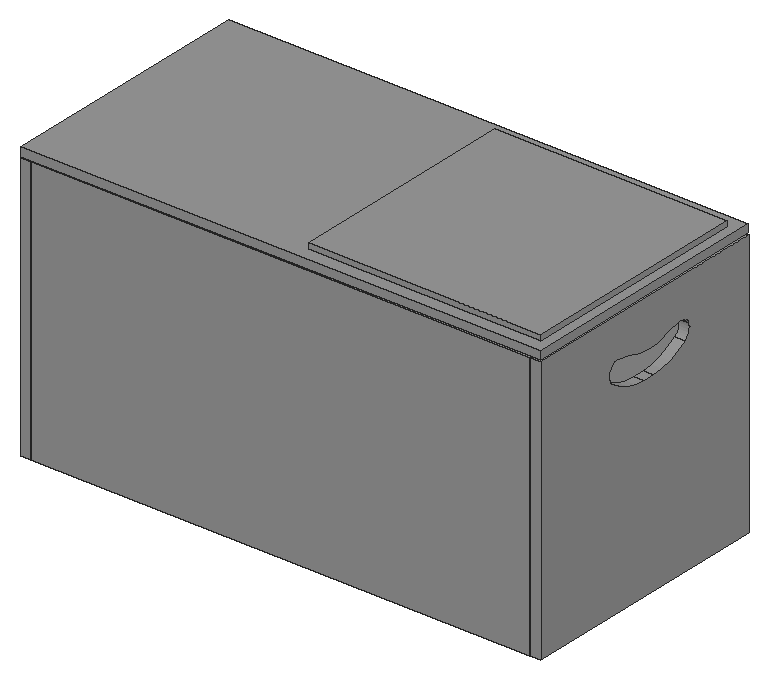
Revit family "Haworth_Tijo_Lounge_Box_EU_PRELIMINARY", category Furniture Systems, Revit 2018
Family settings
  Round Connector Dimension = Use Diameter
  Part Type = Normal
  OmniClass Number = 23.40.70.14.64.21
  OmniClass Title = Systems Furniture
  Work Plane-Based = No
  Always vertical = Yes
  Cut with Voids When Loaded = No
  Shared = No
  Room Calculation Point = No
Parameters (values of type "Double Box - with Cushion")
  With Top [instance] = yes
  Warranty = "http://www.haworth.com/resources/product-info/warranties"
  URL - Product = "https://www.haworth.com/eu/en/products/poufs-ottoman/tijo.html"
  Trim Finish = Haworth _ Polymer _ Black
  Top Finish [instance] = Haworth _ Laminate _ Undecided _ Storage
  Storage Finish [instance] = Haworth _ Laminate _ Undecided _ Storage
  Single Step = not(or(Double, Single))  # no
  Single = no
  Model = "TJXBX"  # constant formula
  Large = and(or(Double, Single))  # yes
  Front Finish [instance] = Haworth _ Laminate _ Undecided _ Storage
  Double = yes
  Description = "Haworth - Tijo - Lounge - Box"  # constant formula
  URL = "https://www.haworth.com/eu/en.html"
  Size = "Verify Final Dim. w/ Haworth"  # constant formula
  Revision Number = "1"  # constant formula
  Manufacturer = "Haworth"  # constant formula
  Cushion Finish = Haworth _ Fabric _ Undecided _ Seating _ Lounge
  Cushion = yes
  Author = "Haworth (Abd Rahman)"  # constant formula
  Assembly Code = "E2020200"
  Actual Width = if(Single Step, 38 cm, if(Single, 38 cm, 76 cm))  # 76 cm
  Actual Height = if(Single Step, 21.2 cm, if(Single, 41.4 cm, 41.4 cm))  # 41.4 cm
  Actual Depth = 38 cm  # constant formula
Types (6, lengths in cm): name | Single Step | Single | Large | Double | Cushion | Actual Width | Actual Height
  Single Step Box - with Cushion | yes | no | no | no | yes | 38 | 21.2
  Double Box - with Cushion | no | no | yes | yes | yes | 76 | 41.4
  Single Box - with Cushion | no | yes | yes | no | yes | 38 | 41.4
  Double Box - w/o Cushion | no | no | yes | yes | no | 76 | 41.4
  Single Box - w/o Cushion | no | yes | yes | no | no | 38 | 41.4
  Single Step Box - w/o Cushion | yes | no | no | no | no | 38 | 21.2
Reference planes (cm)
  plane 1 "Center F/B": y = 0
  plane 2: z = 0
  plane 3 "Top": z = 41.4
  plane 4: x = 0
  plane 5 "Base Top": z = 0.9992
  plane 6: x = -38
  plane 7: x = 38
  plane 8 "Back": y = 19
  plane 9 "Front": y = -19
  plane 10: x = -36.5
  plane 11: x = 36.5
  plane 12: y = 17.5
  plane 13: y = -17.5
  plane 14: x = 34.432
  plane 15: y = -15.4824
  plane 16: y = 15.4824
  plane 17: x = -34.432
  plane 18: x = -36.5
  plane 19: x = 36.5
  plane 20: y = 17.5
  plane 21: y = -17.5
  plane 22: z = 3.12
  plane 23: x = -19
  plane 24: x = 19
  plane 25: z = 39.9981
  plane 26: z = 40.2125
Forms (cm)
  Extrusion 1, solid, material "Haworth _ Laminate _ Undecided _ Storage" <- "Storage Finish"
    sketch origin (0, 0, 0) x (1, 0, 0) y (0, 1, 0)
      loop
        line (-36.5, 19) -> (-36.5, 17.5) -> (36.5, 17.5) -> (36.5, 19) -> (-36.5, 19)
      loop
        line (36.5, -19) -> (36.5, -17.5) -> (-36.5, -17.5) -> (-36.5, -19) -> (36.5, -19)
    from 0.9991 to 39.9977
  Extrusion 2, solid, material "Haworth _ Polymer _ Black" <- "Trim Finish"
    sketch origin (0, 0, 0) x (1, 0, 0) y (0, 1, 0)
      loop
        circle (34.432, -15.4824) r 1.7
      loop
        circle (-34.432, -15.4824) r 1.7
      loop
        circle (34.432, 15.4824) r 1.7
      loop
        circle (-34.432, 15.4824) r 1.7
    from 0 to 0.9991
  Extrusion 3, solid, material "Haworth _ Laminate _ Undecided _ Storage" <- "Storage Finish"
    sketch origin (0, 0, 0) x (1, 0, 0) y (0, 1, 0)
      loop
        arc (-36.5, -16.5) -> (-36.2071, -17.2071) -> (-35.5, -17.5) r 1
        line (-35.5, -17.5) -> (36.5, -17.5) -> (36.5, 17.5) -> (-35.5, 17.5)
        arc (-35.5, 17.5) -> (-36.2071, 17.2071) -> (-36.5, 16.5) r 1
        line (-36.5, 16.5) -> (-36.5, -16.5)
    from 0.9991 to 3.12
  Extrusion 4, solid, material "Haworth _ Laminate _ Undecided _ Storage" <- "Top Finish", visible <- "With Top"
    sketch origin (0, 0, 0) x (1, 0, 0) y (0, 1, 0)
      loop
        line (-38, 19) -> (-38, -19) -> (38, -19) -> (38, 19) -> (-38, 19)
    from 40.2125 to 41.4
Cuts and joins
  joined: Extrusion 1, Extrusion 3
Lines and regions (cm)
  Masking region 1
    outline origin (0, 0, 0) x (1, 0, 0) y (0, 1, 0)
      loop
        line (-38, 19) -> (-38, -19) -> (38, -19) -> (38, 19) -> (-38, 19)
      loop
        line (36.5, 17.5) -> (-35.5, 17.5)
        arc (-35.5, 17.5) -> (-36.2071, 17.2071) -> (-36.5, 16.5) r 1
        line (-36.5, 16.5) -> (-36.5, -16.5)
        arc (-36.5, -16.5) -> (-36.2071, -17.2071) -> (-35.5, -17.5) r 1
        line (-35.5, -17.5) -> (36.5, -17.5) -> (36.5, 17.5)
Dimensions and locks (cm)
  "Actual Height": plane 3 "Top" to level
  plane 22 to plane 5 "Base Top" to level = 2.1209 cm locked, 0.9991 cm locked
  "Actual Width": plane 6 to plane 7
  equal spacing: plane 8 "Back", plane 1 "Center F/B", plane 9 "Front"
  "Actual Depth": plane 8 "Back" to plane 9 "Front"
  locked: plane 11 to plane 7 at 1.5
  locked: plane 6 to plane 10 at 1.5
  locked: plane 8 "Back" to plane 12 at 1.5
  locked: plane 14 to plane 7 at 3.568
  locked: plane 6 to plane 17 at 3.568
  locked: plane 8 "Back" to plane 16 at 3.5176
  locked: plane 9 "Front" to plane 15 at 3.5176
  locked: plane 9 "Front" to plane 13 at 1.5
  locked: plane 6 to plane 18 at 1.5
  locked: plane 19 to plane 7 at 1.5
  locked: plane 9 "Front" to plane 21 at 1.5
  locked: plane 20 to plane 8 "Back" at 1.5
  equal spacing: plane 6, plane 23, plane 4, plane 24, plane 7
  plane 3 "Top" to plane 26 to plane 25 = 1.1875 cm locked, 0.2149 cm locked
  cut or joined group of Extrusion 1, Extrusion 3 to cut or joined group of Extrusion 1, Extrusion 3 = 38.9985 cm
  aligned and locked: Extrusion 1 sketch curve to plane 8 "Back"
  aligned and locked: Extrusion 1 sketch curve to plane 12
  aligned and locked: Extrusion 1 sketch curve to plane 13
  aligned and locked: Extrusion 1 to plane 5 "Base Top"
  aligned and locked: Extrusion 2 to level
  aligned and locked: plane 5 "Base Top" to Extrusion 2
  aligned and locked: plane 15 to Extrusion 2 sketch curve
  aligned and locked: plane 14 to Extrusion 2 sketch curve  (x2)
  aligned and locked: plane 17 to Extrusion 2 sketch curve  (x2)
  aligned and locked: Extrusion 2 sketch curve to plane 15
  aligned and locked: plane 16 to Extrusion 2 sketch curve
  aligned and locked: Extrusion 2 sketch curve to plane 16
  aligned and locked: plane 1 "Center F/B" to nested 1
  aligned and locked: plane 4 to nested 2
  aligned and locked: plane 1 "Center F/B" to nested 2
  aligned and locked: plane 9 "Front" to Extrusion 1 sketch curve
  aligned and locked: Extrusion 1 sketch curve to plane 11  (x2)
  aligned and locked: Extrusion 3 sketch curve to plane 18
  aligned and locked: Extrusion 3 sketch curve to plane 20
  aligned and locked: Extrusion 3 sketch curve to plane 21
  aligned and locked: Extrusion 3 to plane 5 "Base Top"
  aligned and locked: plane 22 to Extrusion 3
  aligned and locked: plane 7 to nested 1
  aligned and locked: plane 7 to Extrusion 4 sketch curve
  aligned and locked: Extrusion 4 sketch curve to plane 8 "Back"
  aligned and locked: Extrusion 4 sketch curve to plane 6
  aligned and locked: plane 9 "Front" to Extrusion 4 sketch curve
  aligned and locked: plane 7 to Masking region 1 sketch curve
  aligned and locked: Masking region 1 sketch curve to plane 8 "Back"
  aligned and locked: Masking region 1 sketch curve to plane 6
  aligned and locked: plane 9 "Front" to Masking region 1 sketch curve
  aligned and locked: Masking region 1 sketch curve to cut or joined group of Extrusion 1, Extrusion 3
  aligned and locked: plane 1 "Center F/B" to nested 3
  aligned and locked: plane 25 to cut or joined group of Extrusion 1, Extrusion 3
  aligned and locked: plane 3 "Top" to Extrusion 4
  aligned and locked: Extrusion 4 to plane 26
  aligned and locked: nested 3 to plane 3 "Top"
  aligned and locked: plane 6 to nested 5
  aligned and locked: plane 6 to nested 4
  aligned and locked: Extrusion 1 sketch curve to plane 10
  aligned and locked: plane 10 to Extrusion 1 sketch curve
  aligned and locked: nested 5 to plane 1 "Center F/B"
  aligned and locked: nested 3 to cut or joined group of Extrusion 1, Extrusion 3
Automatic sketch dimensions
  Extrusion 3 sketch curve to plane 18 = 1 cm  (x2)
  Extrusion 3 sketch curve to plane 19 = 0 cm
  plane 7 to Masking region 1 sketch curve = 1.5 cm
  Masking region 1 sketch curve to plane 6 = 1.5 cm
  Masking region 1 sketch curve to Masking region 1 sketch curve = 1 cm  (x2)
  plane 9 "Front" to Masking region 1 sketch curve = 1.5 cm
  radius of Extrusion 2 sketch curve = 1.7 cm  (x4)
Nested families (cm)
  nested 1: "Haworth_Tijo_Lounge_Box_Front_Small-PART" at (19, 0, -0.001), visible <- "Single Step", Front Finish <- "Front Finish", type "Front - Small PART"
    with Front Finish Haworth _ Laminate _ Undecided _ Storage
  nested 2: "Haworth_Tijo_Lounge_Box_Front_Large-PART" at (19, 0, 0), visible <- "Large", Front Finish <- "Front Finish", type "Front - Large PART"
    with Front Finish Haworth _ Laminate _ Undecided _ Storage
  nested 3: "Haworth_Tijo_Lounge_Box_Cushion-PART" at (19.5, 0, 41.4), visible <- "Cushion", Cushion Finish <- "Cushion Finish", type "Cushion - PART"
    with Cushion Finish Haworth _ Fabric _ Undecided _ Seating _ Lounge
  nested 4: "Haworth_Tijo_Lounge_Box_Front_Small-PART" at (-19, 0, -0.0007) x (-1, 0, 0) z (0, 0, 1), visible <- "Single Step", Front Finish <- "Front Finish", type "Front - Small PART"
    with Front Finish Haworth _ Laminate _ Undecided _ Storage
  nested 5: "Haworth_Tijo_Lounge_Box_Front_Large-PART" at (-19, 0, -0.0007) x (-1, 0, 0) z (0, 0, 1), visible <- "Large", Front Finish <- "Front Finish", type "Front - Large PART"
    with Front Finish Haworth _ Laminate _ Undecided _ Storage
Definition of nested family "Haworth_Tijo_Lounge_Box_Front_Small-PART"
  Parameters (values of type "Front - Small PART")
    Warranty = ""
    Model = "Haworth - Tijo"  # constant formula
    Front Finish [instance] = none
    Description = "Haworth - Tijo - Front - Small PART"  # constant formula
    URL = "https://www.haworth.com/eu/en.html"
    Size = "Verify Final Dim. w/ Haworth"  # constant formula
    Revision Number = "1"  # constant formula
    Manufacturer = "Haworth"  # constant formula
    Author = "Haworth (Abd Rahman)"  # constant formula
    Assembly Code = "E2020200"
    Actual Width = 38 cm  # constant formula
    Actual Height = 18.8 cm
    Actual Depth = 38 cm  # constant formula
  Reference planes (cm)
    plane 1 "Center F/B": y = 0
    plane 2: z = 0
    plane 3 "Top": z = 18.8
    plane 4: x = 0
    plane 5 "Base Top": z = 1.0001
    plane 6: x = -19
    plane 7 "Right": x = 19
    plane 8 "Back": y = 19
    plane 9 "Front": y = -19
    plane 10: x = -17.5
    plane 11: x = 17.5
    plane 12: y = 17.5
    plane 13: y = -17.5
    plane 14: z = 2.6
  Forms (cm)
    Extrusion 1, solid, material <- "Front Finish"
      sketch origin (0, 0, 0) x (1, 0, 0) y (0, 1, 0)
        loop
          line (17.5, 19) -> (17.5, -19) -> (19, -19) -> (19, 19) -> (17.5, 19)
      from 1.0001 to 18.8
    Extrusion 2, void
      sketch origin (19, 0, -20.25) x (0, -1, 0) y (0, 0, 1)
        loop
          arc (5.7628, 30.1798) -> (6.4204, 31.1434) -> (6.3327, 32.3068) r 1.7641
          arc (6.3327, 32.3068) -> (5.6659, 33.0439) -> (4.6897, 33.2309) r 1.5652
          arc (4.6897, 33.2309) -> (2.6614, 32.8487) -> (0.6843, 32.2562) r 19.6893
          arc (0.6843, 32.2562) -> (-0.8732, 32.1567) -> (-2.4307, 32.2562) r 12.2391
          arc (-2.4307, 32.2562) -> (-4.4078, 32.8487) -> (-6.4361, 33.2309) r 19.6893
          arc (-6.4361, 33.2309) -> (-7.4123, 33.0439) -> (-8.0791, 32.3068) r 1.5652
          arc (-8.0791, 32.3068) -> (-8.1667, 31.1434) -> (-7.5092, 30.1798) r 1.7641
          arc (-7.5092, 30.1798) -> (-4.7794, 28.7704) -> (-1.7464, 28.2818) r 9.737
          arc (-1.7464, 28.2818) -> (-0.8732, 28.2394) -> (0, 28.2818) r 9.0157
          arc (0, 28.2818) -> (3.033, 28.7704) -> (5.7628, 30.1798) r 9.737
      from -14.5623 to 34
  Cuts and joins
    Extrusion 2 cuts Extrusion 1
  Lines and regions (cm)
    Masking region 1
      outline origin (0, 0, 0) x (1, 0, 0) y (0, 1, 0)
        loop
          line (17.5, 19) -> (17.5, -19) -> (19, -19) -> (19, 19) -> (17.5, 19)
  Dimensions and locks (cm)
    "Actual Height": plane 3 "Top" to level
    plane 5 "Base Top" to level = 1.0001 cm
    "Actual Width": plane 6 to plane 7 "Right"
    equal spacing: plane 6, plane 4, plane 7 "Right"
    equal spacing: plane 8 "Back", plane 1 "Center F/B", plane 9 "Front"
    "Actual Depth": plane 8 "Back" to plane 9 "Front"
    locked: plane 11 to plane 7 "Right" at 1.5
    locked: plane 6 to plane 10 at 1.5
    locked: plane 8 "Back" to plane 12 at 1.5
    locked: plane 9 "Front" to plane 13 at 1.5
    plane 14 to plane 5 "Base Top" to level = 1.5999 cm locked, 1.0001 cm locked
    aligned and locked: plane 7 "Right" to Extrusion 1 sketch curve
    aligned and locked: Extrusion 1 sketch curve to plane 8 "Back"
    aligned and locked: plane 9 "Front" to Extrusion 1 sketch curve
    aligned and locked: plane 11 to Extrusion 1 sketch curve
    aligned and locked: Extrusion 1 to plane 5 "Base Top"
    aligned and locked: plane 3 "Top" to Extrusion 1
    aligned and locked: plane 7 "Right" to Masking region 1 sketch curve
    aligned and locked: Masking region 1 sketch curve to plane 8 "Back"
    aligned and locked: Masking region 1 sketch curve to cut or joined group of Extrusion 1, Extrusion 2
    aligned and locked: plane 9 "Front" to Masking region 1 sketch curve
  Automatic sketch dimensions
    Extrusion 2 sketch curve to plane 1 "Center F/B" = 0 cm
    Extrusion 2 sketch curve to plane 1 "Center F/B" = 0.013 cm
    Extrusion 2 sketch curve to plane 1 "Center F/B" = 0.8732 cm  (x2)
    Extrusion 2 sketch curve to Extrusion 2 sketch curve = 0.8602 cm
    Extrusion 2 sketch curve to plane 1 "Center F/B" = 6.4627 cm
    Extrusion 2 sketch curve to Extrusion 2 sketch curve = 0.1822 cm  (x2)
    Extrusion 2 sketch curve to plane 1 "Center F/B" = 9.0634 cm
    plane 1 "Center F/B" to Extrusion 2 sketch curve = 4.7164 cm
    plane 1 "Center F/B" to Extrusion 2 sketch curve = 7.317 cm
    Extrusion 2 sketch curve to plane 3 "Top" = 25.3323 cm
    Extrusion 2 sketch curve to Extrusion 2 sketch curve = 0 cm  (x6)
    Extrusion 2 sketch curve to Extrusion 2 sketch curve = 17.8823 cm
    Extrusion 2 sketch curve to Extrusion 2 sketch curve = 0.0797 cm  (x2)
    Extrusion 2 sketch curve to Extrusion 2 sketch curve = 5.655 cm
    Extrusion 2 sketch curve to Extrusion 2 sketch curve = 0.7637 cm  (x2)
    Extrusion 2 sketch curve to Extrusion 2 sketch curve = 6.377 cm
    Extrusion 2 sketch curve to Extrusion 2 sketch curve = 1.7464 cm
    Extrusion 2 sketch curve to plane 1 "Center F/B" = 2.4307 cm
    Extrusion 2 sketch curve to Extrusion 2 sketch curve = 0.2089 cm
    Extrusion 2 sketch curve to Extrusion 2 sketch curve = 0.8642 cm
    plane 1 "Center F/B" to Extrusion 2 sketch curve = 0.6843 cm
Definition of nested family "Haworth_Tijo_Lounge_Box_Front_Large-PART"
  Parameters (values of type "Front - Large PART")
    Warranty = ""
    Model = "Haworth - Tijo"  # constant formula
    Front Finish [instance] = none
    Description = "Haworth - Tijo - Front - Large PART"  # constant formula
    URL = "https://www.haworth.com/eu/en.html"
    Size = "Verify Final Dim. w/ Haworth"  # constant formula
    Revision Number = "1"  # constant formula
    Manufacturer = "Haworth"  # constant formula
    Author = "Haworth (Abd Rahman)"  # constant formula
    Assembly Code = "E2020200"
    Actual Width = 38 cm
    Actual Height = 40 cm  # constant formula
    Actual Depth = 38 cm  # constant formula
  Reference planes (cm)
    plane 1 "Center F/B": y = 0
    plane 2: z = 0
    plane 3 "Top": z = 40
    plane 4: x = 0
    plane 5 "Base Top": z = 1.0001
    plane 6: x = -19
    plane 7 "Right": x = 19
    plane 8 "Back": y = 19
    plane 9 "Front": y = -19
    plane 10: x = -17.5
    plane 11: x = 17.5
    plane 12: y = 17.5
    plane 13: y = -17.5
    plane 14: z = 2.6
  Forms (cm)
    Extrusion 1, solid, material <- "Front Finish"
      sketch origin (0, 0, 0) x (1, 0, 0) y (0, 1, 0)
        loop
          line (17.5, 19) -> (17.5, -19) -> (19, -19) -> (19, 19) -> (17.5, 19)
      from 1.0001 to 40
    Extrusion 2, void
      sketch origin (19, 0, -20.25) x (0, -1, 0) y (0, 0, 1)
        loop
          arc (5.7628, 51.3798) -> (6.4204, 52.3434) -> (6.3327, 53.5068) r 1.7641
          arc (6.3327, 53.5068) -> (5.6659, 54.2439) -> (4.6897, 54.4309) r 1.5652
          arc (4.6897, 54.4309) -> (2.6571, 54.0173) -> (0.6843, 53.3764) r 18.3028
          arc (0.6843, 53.3764) -> (-0.8732, 53.2775) -> (-2.4307, 53.3764) r 12.3182
          arc (-2.4307, 53.3764) -> (-4.4035, 54.0173) -> (-6.4361, 54.4309) r 18.3028
          arc (-6.4361, 54.4309) -> (-7.4123, 54.2439) -> (-8.0791, 53.5068) r 1.5652
          arc (-8.0791, 53.5068) -> (-8.1667, 52.3434) -> (-7.5092, 51.3798) r 1.7641
          arc (-7.5092, 51.3798) -> (-4.7794, 49.9704) -> (-1.7464, 49.4818) r 9.737
          arc (-1.7464, 49.4818) -> (-0.8732, 49.4394) -> (0, 49.4818) r 9.0157
          arc (0, 49.4818) -> (3.033, 49.9704) -> (5.7628, 51.3798) r 9.737
      from -14.5623 to 34
  Cuts and joins
    Extrusion 2 cuts Extrusion 1
  Lines and regions (cm)
    Masking region 1
      outline origin (0, 0, 0) x (1, 0, 0) y (0, 1, 0)
        loop
          line (17.5, 19) -> (17.5, -19) -> (19, -19) -> (19, 19) -> (17.5, 19)
  Dimensions and locks (cm)
    "Actual Height": plane 3 "Top" to level
    plane 5 "Base Top" to level = 1.0001 cm
    "Actual Width": plane 6 to plane 7 "Right"
    equal spacing: plane 6, plane 4, plane 7 "Right"
    equal spacing: plane 8 "Back", plane 1 "Center F/B", plane 9 "Front"
    "Actual Depth": plane 8 "Back" to plane 9 "Front"
    locked: plane 11 to plane 7 "Right" at 1.5
    locked: plane 6 to plane 10 at 1.5
    locked: plane 8 "Back" to plane 12 at 1.5
    locked: plane 9 "Front" to plane 13 at 1.5
    plane 14 to plane 5 "Base Top" to level = 1.5999 cm locked, 1.0001 cm locked
    aligned and locked: plane 7 "Right" to Extrusion 1 sketch curve
    aligned and locked: Extrusion 1 sketch curve to plane 8 "Back"
    aligned and locked: plane 9 "Front" to Extrusion 1 sketch curve
    aligned and locked: plane 11 to Extrusion 1 sketch curve
    aligned and locked: Extrusion 1 to plane 5 "Base Top"
    aligned and locked: plane 3 "Top" to Extrusion 1
    aligned and locked: plane 7 "Right" to Masking region 1 sketch curve
    aligned and locked: Masking region 1 sketch curve to plane 8 "Back"
    aligned and locked: Masking region 1 sketch curve to cut or joined group of Extrusion 1, Extrusion 2
    aligned and locked: plane 9 "Front" to Masking region 1 sketch curve
  Automatic sketch dimensions
    plane 1 "Center F/B" to Extrusion 2 sketch curve = 0 cm
    Extrusion 2 sketch curve to plane 1 "Center F/B" = 0.013 cm
    Extrusion 2 sketch curve to plane 1 "Center F/B" = 0.8732 cm  (x2)
    Extrusion 2 sketch curve to Extrusion 2 sketch curve = 0.8602 cm
    Extrusion 2 sketch curve to plane 1 "Center F/B" = 6.4627 cm
    Extrusion 2 sketch curve to Extrusion 2 sketch curve = 0.1822 cm  (x2)
    Extrusion 2 sketch curve to plane 1 "Center F/B" = 9.0634 cm
    plane 1 "Center F/B" to Extrusion 2 sketch curve = 4.7164 cm
    plane 1 "Center F/B" to Extrusion 2 sketch curve = 7.317 cm
    Extrusion 2 sketch curve to plane 14 = 13.4677 cm  (x2)
    Extrusion 2 sketch curve to plane 3 "Top" = 7.45 cm  (x2)
    Extrusion 2 sketch curve to Extrusion 2 sketch curve = 0.0797 cm  (x2)
    Extrusion 2 sketch curve to plane 3 "Top" = 1.795 cm
    Extrusion 2 sketch curve to plane 3 "Top" = 1.0312 cm  (x2)
    plane 3 "Top" to Extrusion 2 sketch curve = 5.3458 cm
    Extrusion 2 sketch curve to plane 1 "Center F/B" = 1.7464 cm
    Extrusion 2 sketch curve to plane 1 "Center F/B" = 2.4307 cm
    Extrusion 2 sketch curve to Extrusion 2 sketch curve = 0.2089 cm
    Extrusion 2 sketch curve to Extrusion 2 sketch curve = 0 cm  (x4)
    Extrusion 2 sketch curve to Extrusion 2 sketch curve = 0.8642 cm
    plane 1 "Center F/B" to Extrusion 2 sketch curve = 0.6843 cm
Definition of nested family "Haworth_Tijo_Lounge_Box_Cushion-PART"
  Parameters (values of type "Cushion - PART")
    Warranty = ""
    Model = "Haworth - Tijo"  # constant formula
    Description = "Haworth - Tijo - Cushion - PART"  # constant formula
    URL = "https://www.haworth.com/eu/en.html"
    Size = "Verify Final Dim. w/ Haworth"  # constant formula
    Revision Number = "1"  # constant formula
    Manufacturer = "Haworth"  # constant formula
    Cushion Finish [instance] = none
    Author = "Haworth (Abd Rahman)"  # constant formula
    Assembly Code = "E2020200"
    Actual Width = 34 cm  # constant formula
    Actual Height = 0.8 cm  # constant formula
    Actual Depth = 34 cm  # constant formula
  Reference planes (cm)
    plane 1 "Center F/B": y = 0
    plane 2: z = 0
    plane 3: x = 0
    plane 4 "Base Top": z = 0.8
    plane 5: x = -17
    plane 6 "Right": x = 17
    plane 7 "Back": y = 17
    plane 8 "Front": y = -17
  Forms (cm)
    Extrusion 1, solid, material <- "Cushion Finish"
      sketch origin (0, 0, 0) x (1, 0, 0) y (0, 1, 0)
        loop
          line (-17, 17) -> (-17, -17) -> (17, -17) -> (17, 17) -> (-17, 17)
      from 0.8 to 0
  Lines and regions (cm)
    Masking region 1
      outline origin (0, 0, 0) x (1, 0, 0) y (0, 1, 0)
        loop
          line (-17, 17) -> (-17, -17) -> (17, -17) -> (17, 17) -> (-17, 17)
  Dimensions and locks (cm)
    "Actual Width": plane 5 to plane 6 "Right"
    equal spacing: plane 5, plane 3, plane 6 "Right"
    equal spacing: plane 7 "Back", plane 1 "Center F/B", plane 8 "Front"
    "Actual Depth": plane 7 "Back" to plane 8 "Front"
    "Actual Height": plane 4 "Base Top" to level
    aligned and locked: plane 6 "Right" to Extrusion 1 sketch curve
    aligned and locked: Extrusion 1 sketch curve to plane 7 "Back"
    aligned and locked: plane 8 "Front" to Extrusion 1 sketch curve
    aligned and locked: plane 6 "Right" to Masking region 1 sketch curve
    aligned and locked: Masking region 1 sketch curve to plane 7 "Back"
    aligned and locked: plane 8 "Front" to Masking region 1 sketch curve
    aligned and locked: Masking region 1 sketch curve to plane 5
    aligned and locked: plane 5 to Extrusion 1 sketch curve
    aligned and locked: plane 4 "Base Top" to Extrusion 1
    aligned and locked: Extrusion 1 to level
